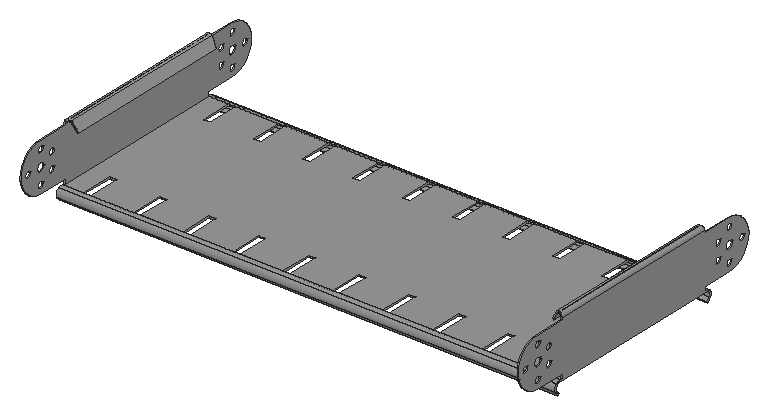
Revit family "Gelenkbogen-Element RGBEV 650FT", category Generic Models, Revit 2017
Family settings
  Can host rebar = No
  Round Connector Dimension = Use Diameter
  Part Type = Normal
  Work Plane-Based = No
  Always vertical = Yes
  Cut with Voids When Loaded = No
  Shared = No
  Room Calculation Point = No
Parameters (values of type "RGBEV 650 FT")
  Width 1 = 250 mm
  Width = 500.002 mm
  URL = "http://www.obo-bettermann.com"
  Material = Hot dip galvanised
  Manufacturer Art.No. = "7075502"
  Manufacturer = "OBO BETTERMANN"
  GTIN = "4012196228317"
  Cut's number 2 = 6
  Cut's number = 5
  Article Type = "RGBEV 650 FT"
Reference planes
  plane 1 "Center (Front/Back)": y = 0
  plane 2: z = 0
  plane 3 "Center (Left/Right)": x = 0
  plane 4: x = -250
  plane 5: x = 250
  plane 6: z = 60
  plane 7: x = 237.5
  plane 8: x = -237.5
  plane 9: z = 50.09
  plane 10: y = 288
  plane 11: y = 144
  plane 12: y = 233.25
  plane 13: y = 54.75
  plane 14: y = 144
  plane 15: y = 233.25
  plane 16: y = 54.75
  plane 17: z = 30
  plane 18: y = 144
  plane 19: z = 54
  plane 20: z = 6
  plane 21: y = 24
  plane 22: y = 144
  plane 23: z = 30
  plane 24: y = 144
  plane 25: z = 54
  plane 26: z = 6
  plane 27: y = 264
  plane 28: z = 30
  plane 29: z = 54
  plane 30: z = 6
  plane 31: y = 264
  plane 32: z = 30
  plane 33: z = 54
  plane 34: z = 6
  plane 35: y = 24
  plane 36: y = 242.5
  plane 37: y = 45.5
  plane 38: z = -11.2
  plane 39: y = 45.5
  plane 40: y = 242.5
  plane 41: z = -11.2
  plane 42: y = 264
  plane 43: z = 30
  plane 44: y = 24
  plane 45: z = 30
  plane 46: y = 24
  plane 47: z = 30
  plane 48: y = 264
  plane 49: z = 30
  plane 50: x = -213.699
  plane 51: y = 210.808
  plane 52: x = -25
  plane 53: y = 219
  plane 54: x = -263.699
  plane 55: y = 210.808
  plane 56: x = -75
  plane 57: y = 219
  plane 58: x = -313.699
  plane 59: y = 210.808
  plane 60: x = -125
  plane 61: y = 219
  plane 62: x = -363.699
  plane 63: y = 210.808
  plane 64: x = -175
  plane 65: y = 219
  plane 66: x = -413.699
  plane 67: y = 210.808
  plane 68: x = -225
  plane 69: y = 219
  plane 70: x = -163.699
  plane 71: y = 210.808
  plane 72: x = 25
  plane 73: y = 219
  plane 74: x = -113.699
  plane 75: y = 210.808
  plane 76: x = 75
  plane 77: y = 219
  plane 78: x = -63.699
  plane 79: y = 210.808
  plane 80: x = 125
  plane 81: y = 219
  plane 82: x = -13.699
  plane 83: y = 210.808
  plane 84: x = 175
  plane 85: y = 219
  plane 86: x = 36.301
  plane 87: y = 210.808
  plane 88: x = 225
  plane 89: y = 219
  plane 90: x = -213.699
  plane 91: y = 77.192
  plane 92: x = -25
  plane 93: y = 69
  plane 94: x = -263.699
  plane 95: y = 77.192
  plane 96: x = -75
  plane 97: y = 69
  plane 98: x = -313.699
  plane 99: y = 77.192
  plane 100: x = -125
  plane 101: y = 69
  plane 102: x = -363.699
  plane 103: y = 77.192
  plane 104: x = -175
  plane 105: y = 69
  plane 106: x = -413.699
  plane 107: y = 77.192
  plane 108: x = -225
  plane 109: y = 69
  plane 110: x = -163.699
  plane 111: y = 77.192
  plane 112: x = 25
  plane 113: y = 69
  plane 114: x = -113.699
  plane 115: y = 77.192
  plane 116: x = 75
  plane 117: y = 69
  plane 118: x = -63.699
  plane 119: y = 77.192
  plane 120: x = 125
  plane 121: y = 69
  plane 122: x = -13.699
  plane 123: y = 77.192
  plane 124: x = 175
  plane 125: y = 69
  plane 126: x = 36.301
  plane 127: y = 77.192
  plane 128: x = 225
  plane 129: y = 69
Forms (mm)
  Extrusion 1, solid, material "Hot dip galvanised" <- "Material"
    sketch origin (0, 0, 0) x (1, 0, 0) y (0, 0, 1)
      loop
        line (-250, 55.986) -> (-250, 0) -> (250.002, 0) -> (250.002, 55.884)
        arc (250.002, 55.884) -> (247.408, 59.713) -> (242.89, 58.723) r 4.123
        line (242.89, 58.723) -> (237.5, 50.098) -> (238.602, 49.409) -> (243.838, 57.788)
        arc (243.838, 57.788) -> (246.912, 58.524) -> (248.702, 55.919) r 2.791
        line (248.702, 55.919) -> (248.702, 1.3) -> (-248.7, 1.3) -> (-248.7, 56)
        arc (-248.7, 56) -> (-247.183, 58.427) -> (-244.338, 58.127) r 2.7
        line (-244.338, 58.127) -> (-238.805, 49.272) -> (-237.702, 49.961) -> (-243.369, 59.03)
        arc (-243.369, 59.03) -> (-247.66, 59.634) -> (-250, 55.986) r 4.014
    from 0 to -288
  Extrusion 2, void
    sketch origin (0, 0, 0) x (1, 0, 0) y (0, 1, 0)
      loop
        line (-248.7, 232.902) -> (-237.702, 229.955) -> (-237.702, 288) -> (-248.7, 288) -> (-248.7, 232.902)
      loop
        line (-248.7, 55.098) -> (-248.7, 0) -> (-237.702, 0) -> (-237.702, 58.045) -> (-248.7, 55.098)
    from 48.961 to 60.085
  Extrusion 3, void
    sketch origin (0, 0, 0) x (-1, 0, 0) y (0, -1, 0)
      loop
        line (-248.7, -232.902) -> (-248.7, -288) -> (-237.212, -288) -> (-237.212, -229.823) -> (-248.7, -232.902)
      loop
        line (-248.7, -55.098) -> (-237.216, -58.175) -> (-237.216, 0) -> (-248.7, 0) -> (-248.7, -55.098)
    from 48.961 to 60.085
  Extrusion 4, void
    sketch origin (0, 0, 0) x (0, 1, 0) y (0, 0, 1)
      loop
        arc (24, 6) -> (0, 30) -> (24, 54) r 24
        line (24, 54) -> (55.098, 54) -> (55.098, 58.891) -> (-1, 58.891) -> (-1, 1.3) -> (55.098, 1.3) -> (55.098, 6) -> (24, 6)
    from 248.702 to 250.002
  Extrusion 5, void
    sketch origin (0, 288, 0) x (0, -1, 0) y (0, 0, -1)
      loop
        line (24, -6) -> (55.098, -6) -> (55.098, -1.3) -> (-1, -1.3) -> (-1, -58.891) -> (55.098, -58.891) -> (55.098, -54) -> (24, -54)
        arc (24, -54) -> (0, -30) -> (24, -6) r 24
    from 248.702 to 250.002
  Extrusion 6, void
    sketch origin (0, 0, 0) x (0, 1, 0) y (0, 0, 1)
      loop
        arc (264, 54) -> (288, 30) -> (264, 6) r 24
        line (264, 6) -> (232.902, 6) -> (232.902, 1.3) -> (289.373, 1.3) -> (289.373, 58.943) -> (232.902, 58.943) -> (232.902, 54) -> (264, 54)
    from -248.7 to -250
  Extrusion 7, void
    sketch origin (0, 288, 0) x (0, -1, 0) y (0, 0, -1)
      loop
        line (264, -54) -> (232.902, -54) -> (232.902, -58.943) -> (289.373, -58.943) -> (289.373, -1.3) -> (232.902, -1.3) -> (232.902, -6) -> (264, -6)
        arc (264, -6) -> (288, -30) -> (264, -54) r 24
    from -248.7 to -250
  Extrusion 8, solid, material "Hot dip galvanised" <- "Material"
    sketch origin (0, 0, 0) x (0, 1, 0) y (0, 0, 1)
      loop
        line (240.033, 0) -> (236.2, 0)
        arc (236.2, 0) -> (240.406, -2.297) -> (240.748, -7.077) r 5
        line (240.748, -7.077) -> (237.544, -10.281) -> (238.463, -11.2) -> (241.824, -7.84)
        arc (241.824, -7.84) -> (242.342, -3.597) -> (240.033, 0) r 6.3
    from 248.702 to -248.7
  Extrusion 9, solid, material "Hot dip galvanised" <- "Material"
    sketch origin (0, 288, 0) x (0, -1, 0) y (0, 0, -1)
      loop
        arc (240.033, 0) -> (242.342, 3.597) -> (241.824, 7.84) r 6.3
        line (241.824, 7.84) -> (238.463, 11.2) -> (237.544, 10.281) -> (240.748, 7.077)
        arc (240.748, 7.077) -> (240.406, 2.297) -> (236.2, 0) r 5
        line (236.2, 0) -> (240.033, 0)
    from 250.002 to -250
  Extrusion 10, void
    sketch origin (0, 0, 0) x (0, 1, 0) y (0, 0, 1)
      loop
        arc (47.967, 0) -> (50.338, 0.969) -> (52.879, 1.3) r 9.928
        line (52.879, 1.3) -> (0, 1.3) -> (0, 0) -> (47.967, 0)
    from 250.002 to -250
  Extrusion 11, void
    sketch origin (0, 288, 0) x (0, -1, 0) y (0, 0, -1)
      loop
        line (47.967, 0) -> (0, 0) -> (0, -1.3) -> (52.879, -1.3)
        arc (52.879, -1.3) -> (50.338, -0.969) -> (47.967, 0) r 9.928
    from 250.002 to -250
  Extrusion 12, void
    sketch origin (0, 0, 0) x (0, 1, 0) y (0, 0, 1)
      loop
        circle (264, 30) r 4.5
      loop
        circle (264, 45.982) r 3.5
      loop
        circle (279.982, 30) r 3.503
      loop
        circle (264, 14.018) r 3.5
      loop
        circle (250.159, 37.991) r 3.544
      loop
        circle (250.159, 22.009) r 3.462
    from -248.7 to -250
  Extrusion 13, void
    sketch origin (0, 288, 0) x (0, -1, 0) y (0, 0, -1)
      loop
        circle (264, -30) r 4.5
      loop
        circle (264, -45.982) r 3.5
      loop
        circle (279.982, -30) r 3.503
      loop
        circle (264, -14.018) r 3.5
      loop
        circle (250.159, -37.991) r 3.544
      loop
        circle (250.159, -22.009) r 3.462
    from -248.7 to -250
  Extrusion 14, void
    sketch origin (0, 288, 0) x (0, -1, 0) y (0, 0, 1)
      loop
        circle (264, 30) r 4.5
      loop
        circle (264, 45.982) r 3.5
      loop
        circle (279.982, 30) r 3.503
      loop
        circle (264, 14.018) r 3.5
      loop
        circle (250.159, 37.991) r 3.544
      loop
        circle (250.159, 22.009) r 3.462
    from -248.7 to -250
  Extrusion 15, void
    sketch origin (0, 0, 0) x (0, 1, 0) y (0, 0, -1)
      loop
        circle (264, -30) r 4.5
      loop
        circle (264, -45.982) r 3.5
      loop
        circle (279.982, -30) r 3.503
      loop
        circle (264, -14.018) r 3.5
      loop
        circle (250.159, -37.991) r 3.544
      loop
        circle (250.159, -22.009) r 3.462
    from -248.7 to -250
  Extrusion 16, void
    sketch origin (0, 0, 0) x (1, 0, 0) y (0, 1, 0)
      loop
        line (-28.5, 235) -> (-28.5, 203) -> (-21.5, 203) -> (-21.5, 235) -> (-28.5, 235)
    from 1.3 to 0
  Extrusion 17, void
    sketch origin (-50, 0, 0) x (1, 0, 0) y (0, 1, 0)
      loop
        line (-28.5, 235) -> (-28.5, 203) -> (-21.5, 203) -> (-21.5, 235) -> (-28.5, 235)
    from 1.3 to 0
  Extrusion 18, void
    sketch origin (-100, 0, 0) x (1, 0, 0) y (0, 1, 0)
      loop
        line (-28.5, 235) -> (-28.5, 203) -> (-21.5, 203) -> (-21.5, 235) -> (-28.5, 235)
    from 1.3 to 0
  Extrusion 19, void
    sketch origin (-150, 0, 0) x (1, 0, 0) y (0, 1, 0)
      loop
        line (-28.5, 235) -> (-28.5, 203) -> (-21.5, 203) -> (-21.5, 235) -> (-28.5, 235)
    from 1.3 to 0
  Extrusion 20, void
    sketch origin (-200, 0, 0) x (1, 0, 0) y (0, 1, 0)
      loop
        line (-28.5, 235) -> (-28.5, 203) -> (-21.5, 203) -> (-21.5, 235) -> (-28.5, 235)
    from 1.3 to 0
  Extrusion 21, void
    sketch origin (50, 0, 0) x (1, 0, 0) y (0, 1, 0)
      loop
        line (-28.5, 235) -> (-28.5, 203) -> (-21.5, 203) -> (-21.5, 235) -> (-28.5, 235)
    from 1.3 to 0
  Extrusion 22, void
    sketch origin (100, 0, 0) x (1, 0, 0) y (0, 1, 0)
      loop
        line (-28.5, 235) -> (-28.5, 203) -> (-21.5, 203) -> (-21.5, 235) -> (-28.5, 235)
    from 1.3 to 0
  Extrusion 23, void
    sketch origin (150, 0, 0) x (1, 0, 0) y (0, 1, 0)
      loop
        line (-28.5, 235) -> (-28.5, 203) -> (-21.5, 203) -> (-21.5, 235) -> (-28.5, 235)
    from 1.3 to 0
  Extrusion 24, void
    sketch origin (200, 0, 0) x (1, 0, 0) y (0, 1, 0)
      loop
        line (-28.5, 235) -> (-28.5, 203) -> (-21.5, 203) -> (-21.5, 235) -> (-28.5, 235)
    from 1.3 to 0
  Extrusion 25, void
    sketch origin (250, 0, 0) x (1, 0, 0) y (0, 1, 0)
      loop
        line (-28.5, 235) -> (-28.5, 203) -> (-21.5, 203) -> (-21.5, 235) -> (-28.5, 235)
    from 1.3 to 0
  Extrusion 26, void
    sketch origin (0, 288, 0) x (1, 0, 0) y (0, 1, 0)
      loop
        line (-28.5, -235) -> (-21.5, -235) -> (-21.5, -203) -> (-28.5, -203) -> (-28.5, -235)
    from 1.3 to 0
  Extrusion 27, void
    sketch origin (-50, 288, 0) x (1, 0, 0) y (0, 1, 0)
      loop
        line (-28.5, -235) -> (-21.5, -235) -> (-21.5, -203) -> (-28.5, -203) -> (-28.5, -235)
    from 1.3 to 0
  Extrusion 28, void
    sketch origin (-100, 288, 0) x (1, 0, 0) y (0, 1, 0)
      loop
        line (-28.5, -235) -> (-21.5, -235) -> (-21.5, -203) -> (-28.5, -203) -> (-28.5, -235)
    from 1.3 to 0
  Extrusion 29, void
    sketch origin (-150, 288, 0) x (1, 0, 0) y (0, 1, 0)
      loop
        line (-28.5, -235) -> (-21.5, -235) -> (-21.5, -203) -> (-28.5, -203) -> (-28.5, -235)
    from 1.3 to 0
  Extrusion 30, void
    sketch origin (-200, 288, 0) x (1, 0, 0) y (0, 1, 0)
      loop
        line (-28.5, -235) -> (-21.5, -235) -> (-21.5, -203) -> (-28.5, -203) -> (-28.5, -235)
    from 1.3 to 0
  Extrusion 31, void
    sketch origin (50, 288, 0) x (1, 0, 0) y (0, 1, 0)
      loop
        line (-28.5, -235) -> (-21.5, -235) -> (-21.5, -203) -> (-28.5, -203) -> (-28.5, -235)
    from 1.3 to 0
  Extrusion 32, void
    sketch origin (100, 288, 0) x (1, 0, 0) y (0, 1, 0)
      loop
        line (-28.5, -235) -> (-21.5, -235) -> (-21.5, -203) -> (-28.5, -203) -> (-28.5, -235)
    from 1.3 to 0
  Extrusion 33, void
    sketch origin (150, 288, 0) x (1, 0, 0) y (0, 1, 0)
      loop
        line (-28.5, -235) -> (-21.5, -235) -> (-21.5, -203) -> (-28.5, -203) -> (-28.5, -235)
    from 1.3 to 0
  Extrusion 34, void
    sketch origin (200, 288, 0) x (1, 0, 0) y (0, 1, 0)
      loop
        line (-28.5, -235) -> (-21.5, -235) -> (-21.5, -203) -> (-28.5, -203) -> (-28.5, -235)
    from 1.3 to 0
  Extrusion 35, void
    sketch origin (250, 288, 0) x (1, 0, 0) y (0, 1, 0)
      loop
        line (-28.5, -235) -> (-21.5, -235) -> (-21.5, -203) -> (-28.5, -203) -> (-28.5, -235)
    from 1.3 to 0
Cuts and joins
  Extrusion 2, Extrusion 3, Extrusion 4, Extrusion 5, Extrusion 6, Extrusion 7, Extrusion 10, Extrusion 11, Extrusion 12, Extrusion 13, Extrusion 14, Extrusion 15, Extrusion 16, Extrusion 17, Extrusion 18, Extrusion 19, Extrusion 20, Extrusion 21, Extrusion 22, Extrusion 23, Extrusion 24, Extrusion 25, Extrusion 26, Extrusion 27, Extrusion 28, Extrusion 29, Extrusion 30, Extrusion 31, Extrusion 32, Extrusion 33, Extrusion 34, Extrusion 35 cuts Extrusion 1
Dimensions and locks
  locked: plane 5 to plane 4 at 500
  locked: plane 3 "Center (Left/Right)" to plane 4 at 250
  locked: plane 5 to plane 7 at 12.5
  locked: Extrusion 1 sketch curve to Extrusion 1 sketch curve at 1.3  (x5)
  locked: Extrusion 1 sketch curve to Extrusion 1 sketch curve at 60
  locked: Extrusion 1 sketch curve to Extrusion 1 sketch curve at 60.007
  locked: Extrusion 1 sketch curve to Extrusion 1 sketch curve at 9.895
  locked: Extrusion 1 sketch curve to Extrusion 1 sketch curve at 10.1
  "Width": Extrusion 1 to Extrusion 1
  "Width 1": Extrusion 1 to plane 3 "Center (Left/Right)"
  locked: Extrusion 1 to plane 10 at 288
  locked: Extrusion 1 to plane 11 at 144
  locked: plane 1 "Center (Front/Back)" to plane 18 at 144
  locked: Extrusion 4 sketch curve to Extrusion 4 sketch curve at 48
  locked: plane 1 "Center (Front/Back)" to plane 22 at 144
  locked: Extrusion 5 sketch curve to Extrusion 5 sketch curve at 48
  locked: plane 36 to plane 22 at 98.5
  locked: plane 22 to plane 37 at 98.5
  locked: cut or joined group 1 (Extrusion 1, Extrusion 2, Extrusion 3, Extrusion 4, Extrusion 5, Extrusion 6, Extrusion 7, Extrusion 10, Extrusion 11, Extrusion 12, Extrusion 13, Extrusion 14, Extrusion 15, Extrusion 16, Extrusion 17, Extrusion 18, Extrusion 19, Extrusion 20, Extrusion 21, Extrusion 22, Extrusion 23, Extrusion 24, Extrusion 25, Extrusion 26, Extrusion 27, Extrusion 28, Extrusion 29, Extrusion 30, Extrusion 31, Extrusion 32, Extrusion 33, Extrusion 34, Extrusion 35) to plane 38 at 12.5
  locked: Extrusion 8 sketch curve to Extrusion 8 sketch curve at 1.3
  locked: Extrusion 8 sketch curve to cut or joined group 1 at 11.2
  locked: Extrusion 9 sketch curve to Extrusion 9 sketch curve at 1.3
  locked: plane 43 to cut or joined group 1 at 24
  locked: plane 42 to plane 22 at 120
  locked: Extrusion 16 sketch curve to Extrusion 16 sketch curve at 7
  locked: plane 52 to Extrusion 16 sketch curve at 3.5
  locked: Extrusion 16 sketch curve to Extrusion 16 sketch curve at 32
  locked: plane 53 to Extrusion 16 sketch curve at 16
  locked: Extrusion 17 sketch curve to Extrusion 17 sketch curve at 7
  locked: plane 56 to Extrusion 17 sketch curve at 3.5
  locked: Extrusion 17 sketch curve to Extrusion 17 sketch curve at 32
  locked: plane 57 to Extrusion 17 sketch curve at 16
  locked: Extrusion 18 sketch curve to Extrusion 18 sketch curve at 7
  locked: plane 60 to Extrusion 18 sketch curve at 3.5
  locked: Extrusion 18 sketch curve to Extrusion 18 sketch curve at 32
  locked: plane 61 to Extrusion 18 sketch curve at 16
  locked: Extrusion 19 sketch curve to Extrusion 19 sketch curve at 7
  locked: plane 64 to Extrusion 19 sketch curve at 3.5
  locked: Extrusion 19 sketch curve to Extrusion 19 sketch curve at 32
  locked: plane 65 to Extrusion 19 sketch curve at 16
  locked: Extrusion 20 sketch curve to Extrusion 20 sketch curve at 7
  locked: plane 68 to Extrusion 20 sketch curve at 3.5
  locked: Extrusion 20 sketch curve to Extrusion 20 sketch curve at 32
  locked: plane 69 to Extrusion 20 sketch curve at 16
  locked: Extrusion 21 sketch curve to Extrusion 21 sketch curve at 7
  locked: plane 72 to Extrusion 21 sketch curve at 3.5
  locked: Extrusion 21 sketch curve to Extrusion 21 sketch curve at 32
  locked: plane 73 to Extrusion 21 sketch curve at 16
  locked: Extrusion 22 sketch curve to Extrusion 22 sketch curve at 7
  locked: plane 76 to Extrusion 22 sketch curve at 3.5
  locked: Extrusion 22 sketch curve to Extrusion 22 sketch curve at 32
  locked: plane 77 to Extrusion 22 sketch curve at 16
  locked: Extrusion 23 sketch curve to Extrusion 23 sketch curve at 7
  locked: plane 80 to Extrusion 23 sketch curve at 3.5
  locked: Extrusion 23 sketch curve to Extrusion 23 sketch curve at 32
  locked: plane 81 to Extrusion 23 sketch curve at 16
  locked: Extrusion 24 sketch curve to Extrusion 24 sketch curve at 7
  locked: plane 84 to Extrusion 24 sketch curve at 3.5
  locked: Extrusion 24 sketch curve to Extrusion 24 sketch curve at 32
  locked: plane 85 to Extrusion 24 sketch curve at 16
  locked: Extrusion 25 sketch curve to Extrusion 25 sketch curve at 7
  locked: plane 88 to Extrusion 25 sketch curve at 3.5
  locked: Extrusion 25 sketch curve to Extrusion 25 sketch curve at 32
  locked: plane 89 to Extrusion 25 sketch curve at 16
  locked: Extrusion 26 sketch curve to Extrusion 26 sketch curve at 7
  locked: plane 92 to Extrusion 26 sketch curve at 3.5
  locked: Extrusion 26 sketch curve to Extrusion 26 sketch curve at 32
  locked: Extrusion 26 sketch curve to plane 93 at 16
  locked: Extrusion 27 sketch curve to Extrusion 27 sketch curve at 7
  locked: plane 96 to Extrusion 27 sketch curve at 3.5
  locked: Extrusion 27 sketch curve to Extrusion 27 sketch curve at 32
  locked: Extrusion 27 sketch curve to plane 97 at 16
  locked: Extrusion 28 sketch curve to Extrusion 28 sketch curve at 7
  locked: plane 100 to Extrusion 28 sketch curve at 3.5
  locked: Extrusion 28 sketch curve to Extrusion 28 sketch curve at 32
  locked: Extrusion 28 sketch curve to plane 101 at 16
  locked: Extrusion 29 sketch curve to Extrusion 29 sketch curve at 7
  locked: plane 104 to Extrusion 29 sketch curve at 3.5
  locked: Extrusion 29 sketch curve to Extrusion 29 sketch curve at 32
  locked: Extrusion 29 sketch curve to plane 105 at 16
  locked: Extrusion 30 sketch curve to Extrusion 30 sketch curve at 7
  locked: plane 108 to Extrusion 30 sketch curve at 3.5
  locked: Extrusion 30 sketch curve to Extrusion 30 sketch curve at 32
  locked: plane 109 to Extrusion 30 sketch curve at 16
  locked: Extrusion 31 sketch curve to Extrusion 31 sketch curve at 7
  locked: plane 112 to Extrusion 31 sketch curve at 3.5
  locked: Extrusion 31 sketch curve to Extrusion 31 sketch curve at 32
  locked: Extrusion 31 sketch curve to plane 113 at 16
  locked: Extrusion 32 sketch curve to Extrusion 32 sketch curve at 7
  locked: plane 116 to Extrusion 32 sketch curve at 3.5
  locked: Extrusion 32 sketch curve to Extrusion 32 sketch curve at 32
  locked: Extrusion 32 sketch curve to plane 117 at 16
  locked: Extrusion 33 sketch curve to Extrusion 33 sketch curve at 7
  locked: plane 120 to Extrusion 33 sketch curve at 3.5
  locked: Extrusion 33 sketch curve to Extrusion 33 sketch curve at 32
  locked: Extrusion 33 sketch curve to plane 121 at 16
  locked: Extrusion 34 sketch curve to Extrusion 34 sketch curve at 7
  locked: plane 124 to Extrusion 34 sketch curve at 3.5
  locked: Extrusion 34 sketch curve to Extrusion 34 sketch curve at 32
  locked: Extrusion 34 sketch curve to plane 125 at 16
  locked: Extrusion 35 sketch curve to Extrusion 35 sketch curve at 7
  locked: plane 128 to Extrusion 35 sketch curve at 3.5
  locked: Extrusion 35 sketch curve to Extrusion 35 sketch curve at 32
  locked: Extrusion 35 sketch curve to plane 129 at 16
  angle Extrusion 1 sketch curve to Extrusion 1 sketch curve = 32.00°
  locked: Extrusion 1 sketch curve to Extrusion 1 sketch curve (angle 32.00°)
  aligned and locked: level to plane 2
  aligned and locked: Extrusion 1 sketch curve to plane 7
  aligned and locked: Extrusion 1 to level
  aligned and locked: plane 10 to Extrusion 1
  aligned and locked: plane 1 "Center (Front/Back)" to Extrusion 1
  aligned and locked: Extrusion 2 to Extrusion 1  (x2)
  aligned and locked: Extrusion 4 sketch curve to Extrusion 4 sketch curve
  aligned and locked: Extrusion 1 to Extrusion 4
  aligned and locked: Extrusion 4 to Extrusion 1
  aligned and locked: Extrusion 5 sketch curve to Extrusion 5 sketch curve
  aligned and locked: Extrusion 6 sketch curve to Extrusion 6 sketch curve
  aligned and locked: Extrusion 6 to Extrusion 1  (x2)
  aligned and locked: Extrusion 7 sketch curve to Extrusion 7 sketch curve
  aligned and locked: Extrusion 8 to cut or joined group 1  (x2)
  aligned and locked: Extrusion 9 to cut or joined group 1
  aligned and locked: cut or joined group 1 to Extrusion 9
  aligned and locked: Extrusion 10 to Extrusion 1
  aligned and locked: Extrusion 1 to Extrusion 10
  aligned and locked: Extrusion 1 to Extrusion 12  (x2)
  aligned and locked: Extrusion 1 to Extrusion 16
  aligned and locked: Extrusion 10 to Extrusion 16
  aligned and locked: Extrusion 16 to level
Automatic sketch dimensions
  Extrusion 1 sketch curve to plane 4 = 0 mm
  Extrusion 1 sketch curve to level = 0 mm
  Extrusion 1 sketch curve to Extrusion 1 sketch curve = 2.7 mm
  Extrusion 1 sketch curve to Extrusion 1 sketch curve = 0.015 mm
  Extrusion 1 sketch curve to plane 6 = 1.873 mm
  Extrusion 1 sketch curve to Extrusion 1 sketch curve = 1.663 mm
  Extrusion 1 sketch curve to plane 6 = 1.277 mm
  Extrusion 1 sketch curve to Extrusion 1 sketch curve = 5.813 mm
  Extrusion 1 sketch curve to plane 6 = 2.212 mm
  Extrusion 1 sketch curve to Extrusion 1 sketch curve = 0.032 mm
  plane 1 "Center (Front/Back)" to Extrusion 2 sketch curve = 0 mm
  Extrusion 2 sketch curve to plane 10 = 0 mm
  Extrusion 2 sketch curve to plane 12 = 0.348 mm
  Extrusion 2 sketch curve to plane 3 "Center (Left/Right)" = 248.7 mm
  Extrusion 2 sketch curve to Extrusion 2 sketch curve = 0 mm
  Extrusion 2 sketch curve to Extrusion 2 sketch curve = 10.998 mm  (x2)
  plane 13 to Extrusion 2 sketch curve = 3.295 mm
  plane 13 to Extrusion 2 sketch curve = 0.348 mm
  Extrusion 2 sketch curve to plane 12 = 3.295 mm
  plane 1 "Center (Front/Back)" to Extrusion 3 sketch curve = 0 mm
  Extrusion 3 sketch curve to plane 10 = 0 mm
  plane 15 to Extrusion 3 sketch curve = 0.348 mm
  Extrusion 3 sketch curve to plane 3 "Center (Left/Right)" = 248.7 mm
  Extrusion 3 sketch curve to Extrusion 3 sketch curve = 0 mm
  Extrusion 3 sketch curve to Extrusion 3 sketch curve = 11.484 mm
  plane 15 to Extrusion 3 sketch curve = 3.427 mm
  Extrusion 3 sketch curve to Extrusion 3 sketch curve = 11.488 mm
  Extrusion 3 sketch curve to plane 16 = 0.348 mm
  Extrusion 3 sketch curve to plane 16 = 3.425 mm
  plane 19 to Extrusion 4 sketch curve = 0 mm
  Extrusion 4 sketch curve to plane 21 = 0 mm
  plane 1 "Center (Front/Back)" to Extrusion 4 sketch curve = 1 mm
  plane 19 to Extrusion 4 sketch curve = 4.891 mm
  plane 21 to Extrusion 4 sketch curve = 31.098 mm
  level to Extrusion 4 sketch curve = 1.3 mm
  Extrusion 5 sketch curve to plane 25 = 0 mm
  Extrusion 5 sketch curve to plane 27 = 0 mm
  Extrusion 5 sketch curve to plane 10 = 1 mm
  Extrusion 5 sketch curve to plane 25 = 4.891 mm
  Extrusion 5 sketch curve to plane 27 = 31.098 mm
  Extrusion 5 sketch curve to level = 1.3 mm
  Extrusion 6 sketch curve to plane 30 = 0 mm
  Extrusion 6 sketch curve to plane 29 = 0 mm
  Extrusion 6 sketch curve to plane 31 = 0 mm
  plane 29 to Extrusion 6 sketch curve = 4.943 mm
  plane 31 to Extrusion 6 sketch curve = 31.098 mm
  plane 10 to Extrusion 6 sketch curve = 1.373 mm
  level to Extrusion 6 sketch curve = 1.3 mm
  plane 34 to Extrusion 7 sketch curve = 0 mm
  plane 33 to Extrusion 7 sketch curve = 0 mm
  Extrusion 7 sketch curve to plane 35 = 0 mm
  Extrusion 7 sketch curve to plane 33 = 4.943 mm
  Extrusion 7 sketch curve to plane 35 = 31.098 mm
  Extrusion 7 sketch curve to plane 1 "Center (Front/Back)" = 1.373 mm
  Extrusion 7 sketch curve to level = 1.3 mm
  Extrusion 8 sketch curve to Extrusion 8 sketch curve = 0 mm  (x2)
  Extrusion 8 sketch curve to level = 0 mm
  plane 36 to Extrusion 8 sketch curve = 6.3 mm
  plane 36 to Extrusion 8 sketch curve = 4.956 mm
  Extrusion 8 sketch curve to Extrusion 8 sketch curve = 0.919 mm
  plane 36 to Extrusion 8 sketch curve = 2.467 mm
  plane 36 to Extrusion 8 sketch curve = 1.752 mm
  Extrusion 9 sketch curve to Extrusion 9 sketch curve = 0 mm  (x2)
  Extrusion 9 sketch curve to level = 0 mm
  Extrusion 9 sketch curve to plane 41 = 0 mm
  Extrusion 9 sketch curve to plane 39 = 6.3 mm
  Extrusion 9 sketch curve to plane 39 = 4.956 mm
  Extrusion 9 sketch curve to Extrusion 9 sketch curve = 0.919 mm
  Extrusion 9 sketch curve to plane 39 = 2.467 mm
  Extrusion 9 sketch curve to plane 39 = 1.752 mm
  Extrusion 10 sketch curve to level = 0 mm
  Extrusion 10 sketch curve to plane 1 "Center (Front/Back)" = 0 mm
  Extrusion 10 sketch curve to Extrusion 10 sketch curve = 47.967 mm
  Extrusion 10 sketch curve to Extrusion 10 sketch curve = 4.911 mm
  Extrusion 10 sketch curve to level = 8.628 mm
  Extrusion 11 sketch curve to level = 0 mm
  Extrusion 11 sketch curve to plane 10 = 0 mm
  Extrusion 11 sketch curve to Extrusion 11 sketch curve = 47.967 mm
  Extrusion 11 sketch curve to Extrusion 11 sketch curve = 4.911 mm
  level to Extrusion 11 sketch curve = 8.628 mm
  Extrusion 12 sketch curve to plane 42 = 0 mm  (x3)
  Extrusion 12 sketch curve to plane 43 = 0 mm  (x2)
  plane 42 to Extrusion 12 sketch curve = 13.841 mm  (x2)
  Extrusion 12 sketch curve to plane 10 = 8.018 mm
  Extrusion 12 sketch curve to plane 43 = 7.991 mm
  level to Extrusion 12 sketch curve = 14.018 mm
  plane 43 to Extrusion 12 sketch curve = 7.991 mm
  Extrusion 12 sketch curve to Extrusion 12 sketch curve = 7.991 mm
  Extrusion 13 sketch curve to plane 44 = 0 mm  (x3)
  Extrusion 13 sketch curve to plane 45 = 0 mm  (x2)
  Extrusion 13 sketch curve to plane 44 = 13.841 mm  (x2)
  plane 1 "Center (Front/Back)" to Extrusion 13 sketch curve = 8.018 mm
  plane 45 to Extrusion 13 sketch curve = 7.991 mm
  Extrusion 13 sketch curve to level = 14.018 mm
  Extrusion 13 sketch curve to plane 45 = 7.991 mm
  Extrusion 13 sketch curve to Extrusion 13 sketch curve = 7.991 mm
  Extrusion 14 sketch curve to plane 46 = 0 mm  (x3)
  Extrusion 14 sketch curve to plane 47 = 0 mm  (x2)
  plane 46 to Extrusion 14 sketch curve = 13.841 mm  (x2)
  Extrusion 14 sketch curve to plane 1 "Center (Front/Back)" = 8.018 mm
  Extrusion 14 sketch curve to plane 47 = 7.991 mm
  level to Extrusion 14 sketch curve = 14.018 mm
  plane 47 to Extrusion 14 sketch curve = 7.991 mm
  Extrusion 14 sketch curve to Extrusion 14 sketch curve = 7.991 mm
  Extrusion 15 sketch curve to plane 48 = 0 mm  (x3)
  Extrusion 15 sketch curve to plane 49 = 0 mm  (x2)
  plane 48 to Extrusion 15 sketch curve = 13.841 mm  (x2)
  Extrusion 15 sketch curve to plane 10 = 8.018 mm
  plane 49 to Extrusion 15 sketch curve = 7.991 mm
  Extrusion 15 sketch curve to Extrusion 15 sketch curve = 7.991 mm
  Extrusion 15 sketch curve to plane 49 = 7.991 mm
  level to Extrusion 15 sketch curve = 14.018 mm
  radius of Extrusion 12 sketch curve = 4.5 mm
  radius of Extrusion 12 sketch curve = 3.5 mm  (x2)
  radius of Extrusion 12 sketch curve = 3.503 mm
  radius of Extrusion 12 sketch curve = 3.544 mm
  radius of Extrusion 12 sketch curve = 3.462 mm
  radius of Extrusion 13 sketch curve = 4.5 mm
  radius of Extrusion 13 sketch curve = 3.5 mm  (x2)
  radius of Extrusion 13 sketch curve = 3.503 mm
  radius of Extrusion 13 sketch curve = 3.544 mm
  radius of Extrusion 13 sketch curve = 3.462 mm
  radius of Extrusion 14 sketch curve = 4.5 mm
  radius of Extrusion 14 sketch curve = 3.5 mm  (x2)
  radius of Extrusion 14 sketch curve = 3.503 mm
  radius of Extrusion 14 sketch curve = 3.544 mm
  radius of Extrusion 14 sketch curve = 3.462 mm
  radius of Extrusion 15 sketch curve = 4.5 mm
  radius of Extrusion 15 sketch curve = 3.5 mm  (x2)
  radius of Extrusion 15 sketch curve = 3.503 mm
  radius of Extrusion 15 sketch curve = 3.544 mm
  radius of Extrusion 15 sketch curve = 3.462 mm
